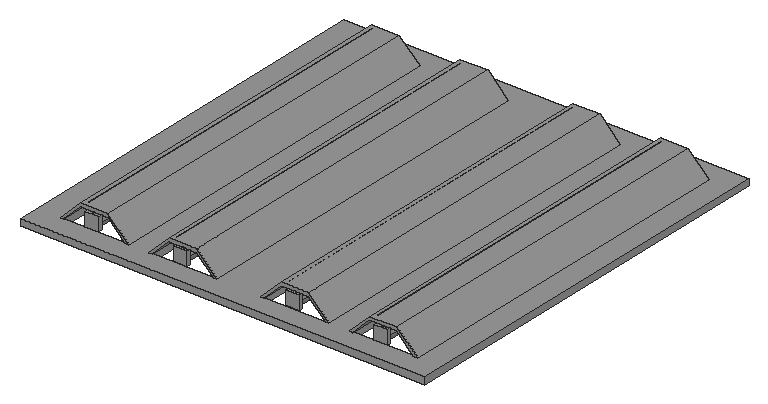
Revit family "ДВО-11 30 Вт 595", category Осветительные приборы, Revit 2019
Family settings
  Основа = Потолок
  Размер круглого соединителя = Использовать диаметр
  Тип детали = Нормальный
  Номер OmniClass = 23.80.70.11
  Заголовок OmniClass = Luminaries for Internal Lighting
  Всегда вертикально = Да
  При загрузке вырезать с полостями = Нет
  Источник света = Да
  Общий = Нет
  Точка расчета площади = Нет
Parameters (values of type "ДВО-11-O-30-5K-IP40")
  Эффективность светильника = "123"
  Частота сети = "50 / 60 Гц"
  Цвет корпуса = "Белый"
  Файл фотометрической сетки = "INNOLUX 14 996 DVO-11-O-30-5K-IP40.ies"
  Угол наклона = 90.00°
  Типоразмер светодиода = "2835"
  Тип рассеивателя = "опал"
  Тип кривой силы света по ГОСТ 54350-2011 = "Д"
  Степень защиты (IP) = "40"
  Срок службы = "80000"
  Способ монтажа = "встраиваемый"
  Сила тока = "0.14 А"
  Световой поток модуля = "1156"
  Пусковой ток = "12.5 A"
  Потребляемый ток = "0"
  Полная установленная мощность = 30 VA
  Объём упаковки = "618х628х205 мм"
  built-in parameter 1150142 = "IESNA:LM-63-1995\r\n[DATA] 27.06.2019\r\n[MANUFAC] INNOLUX\r\n[LUMCAT] 14 996\r\n[LUMINAIRE] DVO-11-O-30-5Ê-IP40\r\n[LAMP] LED 30W 5000K\r\nTILT=NONE\r\n1 3706 3.706 181 9 1 2\r\n0.595 0.595 0.04\r\n1 1 30.0\r\n0 1 2 3 4 5 6 7 8 9 10 11 12 13 14 15 16 17 18 19 20 21 22 23 24 25 26 27 28 29 30 31 32 33 34 35 36 37 38 39 40 41 42 43 44 45 46 47 48 49 50 51 52 53 54 55 56 57 58 59 60 61 62 63 64 65 66 67 68 69 70 71 72 73 74 75 76 77 78 79 80 81 82 83 84 85 86 87 88 89 90 91 92 93 94 95 96 97 98 99 100 101 102 103 104 105 106 107 108 109 110 111 112 113 114 115 116 117 118 119 120 121 122 123 124 125 126 127 128 129 130 131 132 133 134 135 136 137 138 139 140 141 142 143 144 145 146 147 148 149 150 151 152 153 154 155 156 157 158 159 160 161 162 163 164 165 166 167 168 169 170 171 172 173 174 175 176 177 178 179 180 \r\n0 45 90 135 180 225 270 315 360 \r\n510.7 510.7 511 511.2 511.7 512.3 512.8 513.1 513.1 512.7 511.3 508.7 505 499.9 493.3 486 478.7 472.1 466 460.6 455.6 451 446.5 442.2 437.9 433.5 429.1 424.4 419.2 413.7 407.6 401 393.9 386.6 378.9 370.9 362.3 353 343.1 332.3 320.8 308.7 295.7 282.1 267.6 252.5 236.8 220.7 204 187.2 170.2 152.9 135.7 118.3 101.2 84.4 68.2 52.8 38.5 26.1 16.2 9.3 4.9 2.9 2.3 2.1 1.9 1.7 1.6 1.6 1.2 1.1 1.1 1.1 1.1 1.1 1.1 1.1 1.1 0 1.1 1.1 1 1.1 1.1 1.1 1.1 1.1 1.1 1.1 1.1 1.1 1.1 1.2 1.5 1.6 1.6 1.6 1.6 1.6 1.5 1.5 1.6 1.4 1.3 1.5 1.4 1.6 1.6 1.6 1.6 1.6 1.6 1.6 1.6 1.8 1.9 1.9 1.9 1.9 1.9 1.9 1.9 1.9 2.1 2.1 2.1 2.1 2.1 2.1 2.2 2.2 2.4 2.4 2.4 2.4 2.4 2.4 2.4 2.4 2.4 2.5 2.5 2.6 2.6 2.7 2.7 2.7 2.7 2.7 2.7 2.7 2.7 2.8 2.7 2.8 2.9 3.1 3 2.7 2.7 2.7 2.7 2.7 2.7 2.7 1.6 0 0 0 0 0 0 0 0 0 0 0 0 0 0\r\n510.7 510.8 510.5 510.2 508.9 507.9 507 505.7 504.5 503.1 501.3 499.4 497.1 494.3 490.8 486.4 481.7 476.3 470.3 463.6 456.2 448.4 440.8 433.4 426.2 419.4 412.6 405.8 399.3 392.8 386.4 380 373.3 366.7 359.9 353.1 346.1 338.9 331.5 323.8 315.9 307.4 298.7 289.9 280.7 271.2 261.3 251.2 240.6 229.5 218.2 206.6 194.6 182.3 169.8 157.2 144.5 131.8 119 106.4 93.9 81.7 69.7 58.2 47.3 37.3 28.8 21.8 16.7 13.5 11.6 10.4 9.4 8.4 7.4 6.7 5.8 5.1 4.4 3.8 3.3 2.6 2.2 1.9 1.6 1.1 0 0 0 0 0 0 0 0 0 0 0 0 0 0 0 0 1.1 1.1 1.1 1.1 1.1 1.1 1.1 1.1 1.1 1.1 1.2 1.1 1.2 1.6 1.6 1.6 1.6 1.6 1.6 1.6 1.6 1.6 1.6 1.6 1.8 1.9 1.9 1.9 1.9 1.9 1.9 1.9 1.9 1.4 0 0 0 0 0 0 0 0 0 0 0 0 0 0 0 0 0 0 0 0 0 0 0 0 0 0 0 0 0 0 0 0 0 0 0 0 0 0 0 0 0 0 0 0 0\r\n510.7 510.2 509 507.4 505.5 503.5 501.1 498.4 495.5 492.4 489.2 485.6 482 478.1 474.1 469.9 465.6 461.1 456.5 451.5 446.6 441.4 435.9 430.4 424.7 418.7 412.5 406.1 399.4 392.6 385.6 378.5 371.3 363.8 356.4 348.8 341.2 333.3 325.5 317.6 309.6 301.5 293.5 285.2 277 268.7 260.3 251.9 243.2 234.5 225.7 216.9 207.9 198.9 189.9 180.9 172 163 154.3 145.5 136.8 128.1 119.5 110.9 102.3 93.8 85.5 77.4 69.5 62 55 48.4 42.2 36.7 31.9 27.9 24.8 22 19.3 16.8 14.5 12.4 10.4 8.5 6.7 5.1 3.6 2.3 1.4 0 0 0 0 0 0 0 1.1 1.1 1.1 1.1 1.1 1.1 1.1 1.1 1.1 1.3 1.6 1.6 1.6 1.6 1.6 1.6 1.6 1.6 1.6 1.6 1.6 1.8 1.8 1.9 1.9 1.9 1.9 1.9 1.9 1.9 1.9 1.9 1.9 1.9 2 2.1 2.1 2.1 2.1 2.1 2.1 2.1 2.1 2.1 2.3 2.1 2.1 2.3 2.3 2.4 2.4 2.4 2.4 2.4 2.4 2.4 2.3 1.8 0 0 0 0 0 0 0 0 0 0 0 0 0 0 0 0 0 0 0 0 0 0 0 0 0 0 0\r\n510.7 510.8 510.5 510.2 508.9 507.9 507 505.7 504.5 503.1 501.3 499.4 497.1 494.3 490.8 486.4 481.7 476.3 470.3 463.6 456.2 448.4 440.8 433.4 426.2 419.4 412.6 405.8 399.3 392.8 386.4 380 373.3 366.7 359.9 353.1 346.1 338.9 331.5 323.8 315.9 307.4 298.7 289.9 280.7 271.2 261.3 251.2 240.6 229.5 218.2 206.6 194.6 182.3 169.8 157.2 144.5 131.8 119 106.4 93.9 81.7 69.7 58.2 47.3 37.3 28.8 21.8 16.7 13.5 11.6 10.4 9.4 8.4 7.4 6.7 5.8 5.1 4.4 3.8 3.3 2.6 2.2 1.9 1.6 1.1 0 0 0 0 0 0 0 0 0 0 0 0 0 0 0 0 1.1 1.1 1.1 1.1 1.1 1.1 1.1 1.1 1.1 1.1 1.2 1.1 1.2 1.6 1.6 1.6 1.6 1.6 1.6 1.6 1.6 1.6 1.6 1.6 1.8 1.9 1.9 1.9 1.9 1.9 1.9 1.9 1.9 1.4 0 0 0 0 0 0 0 0 0 0 0 0 0 0 0 0 0 0 0 0 0 0 0 0 0 0 0 0 0 0 0 0 0 0 0 0 0 0 0 0 0 0 0 0 0\r\n510.7 510.8 511.1 511.4 511.9 512.4 512.7 512.8 512.8 511.8 509.6 506.1 501.6 496 489.7 482.9 476.2 470 464.6 459.6 454.9 450.5 446.2 441.9 437.7 433.4 429.1 424.4 419.1 413.4 407.2 400.8 394 387 379.6 371.8 363.4 354.3 344.6 334 322.6 310.2 296.9 282.9 268 252.4 236.5 220.2 204 187.5 171.2 155 138.7 122.7 106.5 90.3 74.2 58.6 43.8 30.3 19.2 11.2 6.1 3.2 2.1 1.8 1.6 1.1 0 0 0 0 0 0 0 0 0 0 0 0 0 0 0 0 0 0 0 0 0 0 0 0 0 0 0 0 0 0 0 0 0 0 0 0 0 0 0 0 0 0 0 0 0 0 0 0 0 0 0 0 0 0 0 0 0 0 1.1 0 0 0 0 0 0 0 0 0 0 0 0 0 0 0 0 0 0 0 0 0 0 0 0 0 0 0 0 0 0 0 0 0 0 0 0 0 0 0 0 0 0 0 0 0 0 0 0 0 0 0 0 0 0\r\n510.7 510.8 510.5 510.2 508.9 507.9 507 505.7 504.5 503.1 501.3 499.4 497.1 494.3 490.8 486.4 481.7 476.3 470.3 463.6 456.2 448.4 440.8 433.4 426.2 419.4 412.6 405.8 399.3 392.8 386.4 380 373.3 366.7 359.9 353.1 346.1 338.9 331.5 323.8 315.9 307.4 298.7 289.9 280.7 271.2 261.3 251.2 240.6 229.5 218.2 206.6 194.6 182.3 169.8 157.2 144.5 131.8 119 106.4 93.9 81.7 69.7 58.2 47.3 37.3 28.8 21.8 16.7 13.5 11.6 10.4 9.4 8.4 7.4 6.7 5.8 5.1 4.4 3.8 3.3 2.6 2.2 1.9 1.6 1.1 0 0 0 0 0 0 0 0 0 0 0 0 0 0 0 0 1.1 1.1 1.1 1.1 1.1 1.1 1.1 1.1 1.1 1.1 1.2 1.1 1.2 1.6 1.6 1.6 1.6 1.6 1.6 1.6 1.6 1.6 1.6 1.6 1.8 1.9 1.9 1.9 1.9 1.9 1.9 1.9 1.9 1.4 0 0 0 0 0 0 0 0 0 0 0 0 0 0 0 0 0 0 0 0 0 0 0 0 0 0 0 0 0 0 0 0 0 0 0 0 0 0 0 0 0 0 0 0 0\r\n510.7 509.9 507.9 506.2 504.2 501.9 499.4 496.6 493.6 490.7 487.3 483.8 480.2 476.4 472.3 468.2 463.8 459.4 454.7 449.9 444.9 439.6 434.4 428.9 423.1 417.2 411 404.7 398.2 391.4 384.5 377.6 370.5 363.3 355.9 348.4 340.8 333.1 325.3 317.5 309.5 301.6 293.4 285.2 277 268.7 260.3 251.9 243.1 234.4 225.7 216.9 208 199 190.1 181.1 172.3 163.4 154.7 146 137.3 128.6 120 111.4 102.9 94.5 86.1 78 70.1 62.6 55.5 48.9 42.9 37.2 32.3 28.3 25 22.1 19.4 16.8 14.4 12.2 10.2 8.3 6.6 4.9 3.3 2 0 0 0 0 0 0 0 0 0 0 0 0 0 0 0 0 0 0 0 0 0 0 0 0 0 0 0 1.1 1 1.1 1.1 1.1 1.1 1.1 1.1 1.1 1.1 1.1 1.1 1.1 1.1 1.1 1.1 1.2 1.5 1.6 1.6 1.6 1.6 1.6 0 0 0 0 0 0 0 0 0 0 0 0 0 0 0 0 0 0 0 0 0 0 0 0 0 0 0 0 0 0 0 0 0 0 0 0 0 0 0 0 0 0 0\r\n510.7 510.8 510.5 510.2 508.9 507.9 507 505.7 504.5 503.1 501.3 499.4 497.1 494.3 490.8 486.4 481.7 476.3 470.3 463.6 456.2 448.4 440.8 433.4 426.2 419.4 412.6 405.8 399.3 392.8 386.4 380 373.3 366.7 359.9 353.1 346.1 338.9 331.5 323.8 315.9 307.4 298.7 289.9 280.7 271.2 261.3 251.2 240.6 229.5 218.2 206.6 194.6 182.3 169.8 157.2 144.5 131.8 119 106.4 93.9 81.7 69.7 58.2 47.3 37.3 28.8 21.8 16.7 13.5 11.6 10.4 9.4 8.4 7.4 6.7 5.8 5.1 4.4 3.8 3.3 2.6 2.2 1.9 1.6 1.1 0 0 0 0 0 0 0 0 0 0 0 0 0 0 0 0 1.1 1.1 1.1 1.1 1.1 1.1 1.1 1.1 1.1 1.1 1.2 1.1 1.2 1.6 1.6 1.6 1.6 1.6 1.6 1.6 1.6 1.6 1.6 1.6 1.8 1.9 1.9 1.9 1.9 1.9 1.9 1.9 1.9 1.4 0 0 0 0 0 0 0 0 0 0 0 0 0 0 0 0 0 0 0 0 0 0 0 0 0 0 0 0 0 0 0 0 0 0 0 0 0 0 0 0 0 0 0 0 0\r\n510.7 510.7 511 511.2 511.7 512.3 512.8 513.1 513.1 512.7 511.3 508.7 505 499.9 493.3 486 478.7 472.1 466 460.6 455.6 451 446.5 442.2 437.9 433.5 429.1 424.4 419.2 413.7 407.6 401 393.9 386.6 378.9 370.9 362.3 353 343.1 332.3 320.8 308.7 295.7 282.1 267.6 252.5 236.8 220.7 204 187.2 170.2 152.9 135.7 118.3 101.2 84.4 68.2 52.8 38.5 26.1 16.2 9.3 4.9 2.9 2.3 2.1 1.9 1.7 1.6 1.6 1.2 1.1 1.1 1.1 1.1 1.1 1.1 1.1 1.1 0 1.1 1.1 1 1.1 1.1 1.1 1.1 1.1 1.1 1.1 1.1 1.1 1.1 1.2 1.5 1.6 1.6 1.6 1.6 1.6 1.5 1.5 1.6 1.4 1.3 1.5 1.4 1.6 1.6 1.6 1.6 1.6 1.6 1.6 1.6 1.8 1.9 1.9 1.9 1.9 1.9 1.9 1.9 1.9 2.1 2.1 2.1 2.1 2.1 2.1 2.2 2.2 2.4 2.4 2.4 2.4 2.4 2.4 2.4 2.4 2.4 2.5 2.5 2.6 2.6 2.7 2.7 2.7 2.7 2.7 2.7 2.7 2.7 2.8 2.7 2.8 2.9 3.1 3 2.7 2.7 2.7 2.7 2.7 2.7 2.7 1.6 0 0 0 0 0 0 0 0 0 0 0 0 0 0\r\n"
  Напряжение = "176-264 В"
  Wattage = 24.9088 W
  built-in parameter 1150110 = 1 (stored number, unit not read)
  built-in parameter 1114217 = 0.8 (stored number, unit not read)
  built-in parameter 1150109 = 1 (stored number, unit not read)
  built-in parameter 1150134 = 2
  built-in parameter 1150113 = 1 (stored number, unit not read)
  Lumens = 3700 lm
  built-in parameter 1150115 = 1 (stored number, unit not read)
  built-in parameter 1150105 = 294.44 (stored number, unit not read)
  built-in parameter 1150137 = (empty or 0)
  Материал рассеивателя = Поликарбонат, прозрачный
  Материал корпуса = Металл, окрашенный, белый, матовый
  Коэффициент пульсации = "<5%"
  built-in parameter 1150139 = (empty or 0)
  built-in parameter 1150112 = 1 (stored number, unit not read)
  built-in parameter 1150114 = 1 (stored number, unit not read)
  built-in parameter 1150132 = 2
  Коэффициент мощности = ">0.95\r\n>0.95\r\n>0.95"
  Количество модулей = "4"
  Количество в упаковке = "4"
  Кол-во светодиодов = "208"
  Климатическое исполнение = "УХЛ 4"
  Класс светораспределения по ГОСТ 54350-2011 = "П"
  Класс защиты от поражения током = "II"
  Категория по ограничению яркости = "1"
  built-in parameter 1150102 = (empty or 0)
  built-in parameter 1150138 = (empty or 0)
  built-in parameter 1150107 = 5000 (stored number, unit not read)
  built-in parameter 1150106 = 2.9444 (stored number, unit not read)
  built-in parameter 1150104 = 13.8 (stored number, unit not read)
  Dimming Lamp Color Temperature Shift = (empty or 0)
  Color Filter = 16777215
  built-in parameter 1114218 = 1 (stored number, unit not read)
  built-in parameter 1150133 = 10 (stored number, unit not read)
  Индекс цветопередачи = ">80"
  Изготовитель = "INNOLUX"
  Диммирование = "нет"
  Диапазон рабочих температур = "- 20 + 40°C"
  Гарантия = "7 лет"
  Габаритная яркость = ""
  Время импульса пускового тока = "200 мс"
  Вес светильника = "2.58 кг"
  Бренд светодиодов = "EPISTAR"
  Блок аварийного питания = "нет"
  Артикул = "14 996"
  URL = "http://innolux.pro/katalog/administrativno-ofisnoe-osveshhenie/dvo-11-30-vt-595/14996.html"
  ADSK_Размер_Ширина = 595 mm  # constant formula
  ADSK_Размер_Длина = 595 mm  # constant formula
  ADSK_Размер_Высота = 10 mm  # constant formula
Reference planes
  plane 1 "Ось источника света (В/Н)": y = 0
  plane 2: z = 0
  plane 3 "Ось источника света (Л/П)": x = 0
  plane 4 "Потолок": z = 4000
  plane 5 "Отметка источника света 1": z = 3990
  plane 6: x = -297.5
  plane 7: x = 297.5
  plane 8: y = 297.5
  plane 9: y = -297.5
Forms (mm)
  Extrusion 1, solid, material "Металл, окрашенный, белый, матовый" <- "Материал корпуса"
    sketch origin (0.841, 0, 30) x (1, 0, 0) y (0, 0, 1)
      loop
        line (297.08, 3960) -> (297.08, 3970) -> (-297.92, 3970) -> (-297.92, 3960) -> (297.08, 3960)
    from -297.5 to 297.5
  Extrusion 2, solid, material "Металл, окрашенный, белый, матовый" <- "Материал корпуса"
    sketch origin (0.841, 0, 30) x (1, 0, 0) y (0, 0, 1)
      loop
        line (262.5, 3970) -> (232.5, 4000) -> (192.5, 4000) -> (162.5, 3970) -> (167.5, 3970) -> (192.249, 3994.749) -> (232.751, 3994.749) -> (257.5, 3970) -> (262.5, 3970)
    from -267.228 to 267.639
  Extrusion 3, solid, material "Металл, окрашенный, белый, матовый" <- "Материал корпуса"
    sketch origin (-129.159, 0, 30) x (1, 0, 0) y (0, 0, 1)
      loop
        line (262.5, 3970) -> (232.5, 4000) -> (192.5, 4000) -> (162.5, 3970) -> (167.5, 3970) -> (192.249, 3994.749) -> (232.751, 3994.749) -> (257.5, 3970) -> (262.5, 3970)
    from -267.228 to 267.639
  Extrusion 4, solid, material "Металл, окрашенный, белый, матовый" <- "Материал корпуса"
    sketch origin (0.841, 0, 30) x (-1, 0, 0) y (0, 0, -1)
      loop
        line (262.5, -3970) -> (257.5, -3970) -> (232.751, -3994.749) -> (192.249, -3994.749) -> (167.5, -3970) -> (162.5, -3970) -> (192.5, -4000) -> (232.5, -4000) -> (262.5, -3970)
    from -267.228 to 267.639
  Extrusion 5, solid, material "Металл, окрашенный, белый, матовый" <- "Материал корпуса"
    sketch origin (130.841, 0, 30) x (-1, 0, 0) y (0, 0, -1)
      loop
        line (262.5, -3970) -> (257.5, -3970) -> (232.751, -3994.749) -> (192.249, -3994.749) -> (167.5, -3970) -> (162.5, -3970) -> (192.5, -4000) -> (232.5, -4000) -> (262.5, -3970)
    from -267.228 to 267.639
  Extrusion 6, solid, material "Поликарбонат, прозрачный" <- "Материал рассеивателя"
    sketch origin (-129.159, 0, 30) x (1, 0, 0) y (0, 0, 1)
      loop
        circle (212.5, 3984.749) r 10
    from -267.228 to 267.639
  Extrusion 7, solid, material "Поликарбонат, прозрачный" <- "Материал рассеивателя"
    sketch origin (130.841, 0, 30) x (-1, 0, 0) y (0, 0, -1)
      loop
        circle (212.5, -3984.749) r 10
    from -267.228 to 267.639
  Extrusion 8, solid, material "Металл, окрашенный, белый, матовый" <- "Материал корпуса"
    sketch origin (0.841, 0, 30) x (1, 0, 0) y (0, 0, 1)
      loop
        line (212.5, 3994.749) -> (202.5, 3994.749) -> (202.5, 3974.749) -> (222.5, 3974.749) -> (222.5, 3994.749) -> (212.5, 3994.749)
    from 267.639 to 272.451
  Extrusion 9, solid, material "Металл, окрашенный, белый, матовый" <- "Материал корпуса"
    sketch origin (-129.159, 0, 30) x (1, 0, 0) y (0, 0, 1)
      loop
        line (212.5, 3994.749) -> (202.5, 3994.749) -> (202.5, 3974.749) -> (222.5, 3974.749) -> (222.5, 3994.749) -> (212.5, 3994.749)
    from 267.639 to 272.451
  Extrusion 10, solid, material "Металл, окрашенный, белый, матовый" <- "Материал корпуса"
    sketch origin (0.841, 0, 30) x (-1, 0, 0) y (0, 0, -1)
      loop
        line (212.5, -3994.749) -> (222.5, -3994.749) -> (222.5, -3974.749) -> (202.5, -3974.749) -> (202.5, -3994.749) -> (212.5, -3994.749)
    from 267.639 to 272.451
  Extrusion 11, solid, material "Металл, окрашенный, белый, матовый" <- "Материал корпуса"
    sketch origin (130.841, 0, 30) x (-1, 0, 0) y (0, 0, -1)
      loop
        line (212.5, -3994.749) -> (222.5, -3994.749) -> (222.5, -3974.749) -> (202.5, -3974.749) -> (202.5, -3994.749) -> (212.5, -3994.749)
    from 267.639 to 272.451
  Extrusion 12, solid, material "Металл, окрашенный, белый, матовый" <- "Материал корпуса"
    sketch origin (0.841, 0, 30) x (1, 0, 0) y (0, 0, -1)
      loop
        line (212.5, -3994.749) -> (222.5, -3994.749) -> (222.5, -3974.749) -> (202.5, -3974.749) -> (202.5, -3994.749) -> (212.5, -3994.749)
    from 267.639 to 272.451
  Extrusion 13, solid, material "Металл, окрашенный, белый, матовый" <- "Материал корпуса"
    sketch origin (-129.159, 0, 30) x (1, 0, 0) y (0, 0, -1)
      loop
        line (212.5, -3994.749) -> (222.5, -3994.749) -> (222.5, -3974.749) -> (202.5, -3974.749) -> (202.5, -3994.749) -> (212.5, -3994.749)
    from 267.639 to 272.451
  Extrusion 14, solid, material "Металл, окрашенный, белый, матовый" <- "Материал корпуса"
    sketch origin (0.841, 0, 30) x (-1, 0, 0) y (0, 0, 1)
      loop
        line (212.5, 3994.749) -> (202.5, 3994.749) -> (202.5, 3974.749) -> (222.5, 3974.749) -> (222.5, 3994.749) -> (212.5, 3994.749)
    from 267.639 to 272.451
  Extrusion 15, solid, material "Металл, окрашенный, белый, матовый" <- "Материал корпуса"
    sketch origin (130.841, 0, 30) x (-1, 0, 0) y (0, 0, 1)
      loop
        line (212.5, 3994.749) -> (202.5, 3994.749) -> (202.5, 3974.749) -> (222.5, 3974.749) -> (222.5, 3994.749) -> (212.5, 3994.749)
    from 267.639 to 272.451
  Extrusion 16, solid, material "Металл, окрашенный, белый, матовый" <- "Материал корпуса"
    sketch origin (0.841, 0, 30) x (1, 0, 0) y (0, 0, 1)
      loop
        line (212.5, 3974.749) -> (172.249, 3974.749) -> (167.5, 3970) -> (257.5, 3970) -> (252.751, 3974.749) -> (212.5, 3974.749)
      loop
        line (82.5, 3974.749) -> (42.249, 3974.749) -> (37.5, 3970) -> (127.5, 3970) -> (122.751, 3974.749) -> (82.5, 3974.749)
      loop
        line (-212.5, 3974.749) -> (-252.751, 3974.749) -> (-257.5, 3970) -> (-167.5, 3970) -> (-172.249, 3974.749) -> (-212.5, 3974.749)
      loop
        line (-82.5, 3974.749) -> (-122.751, 3974.749) -> (-127.5, 3970) -> (-37.5, 3970) -> (-42.249, 3974.749) -> (-82.5, 3974.749)
    from -2.5 to 2.5
  Extrusion 17, solid, material "Металл, окрашенный, белый, матовый" <- "Материал корпуса"
    sketch origin (0.841, 140, 30) x (1, 0, 0) y (0, 0, -1)
      loop
        line (212.5, -3974.749) -> (252.751, -3974.749) -> (257.5, -3970) -> (167.5, -3970) -> (172.249, -3974.749) -> (212.5, -3974.749)
      loop
        line (82.5, -3974.749) -> (122.751, -3974.749) -> (127.5, -3970) -> (37.5, -3970) -> (42.249, -3974.749) -> (82.5, -3974.749)
      loop
        line (-212.5, -3974.749) -> (-172.249, -3974.749) -> (-167.5, -3970) -> (-257.5, -3970) -> (-252.751, -3974.749) -> (-212.5, -3974.749)
      loop
        line (-82.5, -3974.749) -> (-42.249, -3974.749) -> (-37.5, -3970) -> (-127.5, -3970) -> (-122.751, -3974.749) -> (-82.5, -3974.749)
    from -2.5 to 2.5
  Extrusion 18, solid, material "Металл, окрашенный, белый, матовый" <- "Материал корпуса"
    sketch origin (0.841, -140, 30) x (1, 0, 0) y (0, 0, 1)
      loop
        line (212.5, 3974.749) -> (172.249, 3974.749) -> (167.5, 3970) -> (257.5, 3970) -> (252.751, 3974.749) -> (212.5, 3974.749)
      loop
        line (82.5, 3974.749) -> (42.249, 3974.749) -> (37.5, 3970) -> (127.5, 3970) -> (122.751, 3974.749) -> (82.5, 3974.749)
      loop
        line (-212.5, 3974.749) -> (-252.751, 3974.749) -> (-257.5, 3970) -> (-167.5, 3970) -> (-172.249, 3974.749) -> (-212.5, 3974.749)
      loop
        line (-82.5, 3974.749) -> (-122.751, 3974.749) -> (-127.5, 3970) -> (-37.5, 3970) -> (-42.249, 3974.749) -> (-82.5, 3974.749)
    from -2.5 to 2.5
  Extrusion 19, solid, material "Металл, окрашенный, белый, матовый" <- "Материал корпуса"
    sketch origin (0.841, -210, 30) x (1, 0, 0) y (0, 0, 1)
      loop
        line (212.5, 3974.749) -> (172.249, 3974.749) -> (167.5, 3970) -> (257.5, 3970) -> (252.751, 3974.749) -> (212.5, 3974.749)
      loop
        line (82.5, 3974.749) -> (42.249, 3974.749) -> (37.5, 3970) -> (127.5, 3970) -> (122.751, 3974.749) -> (82.5, 3974.749)
      loop
        line (-212.5, 3974.749) -> (-252.751, 3974.749) -> (-257.5, 3970) -> (-167.5, 3970) -> (-172.249, 3974.749) -> (-212.5, 3974.749)
      loop
        line (-82.5, 3974.749) -> (-122.751, 3974.749) -> (-127.5, 3970) -> (-37.5, 3970) -> (-42.249, 3974.749) -> (-82.5, 3974.749)
    from -2.5 to 2.5
  Extrusion 20, solid, material "Металл, окрашенный, белый, матовый" <- "Материал корпуса"
    sketch origin (0.841, -70, 30) x (1, 0, 0) y (0, 0, 1)
      loop
        line (212.5, 3974.749) -> (172.249, 3974.749) -> (167.5, 3970) -> (257.5, 3970) -> (252.751, 3974.749) -> (212.5, 3974.749)
      loop
        line (82.5, 3974.749) -> (42.249, 3974.749) -> (37.5, 3970) -> (127.5, 3970) -> (122.751, 3974.749) -> (82.5, 3974.749)
      loop
        line (-212.5, 3974.749) -> (-252.751, 3974.749) -> (-257.5, 3970) -> (-167.5, 3970) -> (-172.249, 3974.749) -> (-212.5, 3974.749)
      loop
        line (-82.5, 3974.749) -> (-122.751, 3974.749) -> (-127.5, 3970) -> (-37.5, 3970) -> (-42.249, 3974.749) -> (-82.5, 3974.749)
    from -2.5 to 2.5
  Extrusion 21, solid, material "Металл, окрашенный, белый, матовый" <- "Материал корпуса"
    sketch origin (0.841, 210, 30) x (1, 0, 0) y (0, 0, -1)
      loop
        line (212.5, -3974.749) -> (252.751, -3974.749) -> (257.5, -3970) -> (167.5, -3970) -> (172.249, -3974.749) -> (212.5, -3974.749)
      loop
        line (82.5, -3974.749) -> (122.751, -3974.749) -> (127.5, -3970) -> (37.5, -3970) -> (42.249, -3974.749) -> (82.5, -3974.749)
      loop
        line (-212.5, -3974.749) -> (-172.249, -3974.749) -> (-167.5, -3970) -> (-257.5, -3970) -> (-252.751, -3974.749) -> (-212.5, -3974.749)
      loop
        line (-82.5, -3974.749) -> (-42.249, -3974.749) -> (-37.5, -3970) -> (-127.5, -3970) -> (-122.751, -3974.749) -> (-82.5, -3974.749)
    from -2.5 to 2.5
  Extrusion 22, solid, material "Металл, окрашенный, белый, матовый" <- "Материал корпуса"
    sketch origin (0.841, 70, 30) x (1, 0, 0) y (0, 0, -1)
      loop
        line (212.5, -3974.749) -> (252.751, -3974.749) -> (257.5, -3970) -> (167.5, -3970) -> (172.249, -3974.749) -> (212.5, -3974.749)
      loop
        line (82.5, -3974.749) -> (122.751, -3974.749) -> (127.5, -3970) -> (37.5, -3970) -> (42.249, -3974.749) -> (82.5, -3974.749)
      loop
        line (-212.5, -3974.749) -> (-172.249, -3974.749) -> (-167.5, -3970) -> (-257.5, -3970) -> (-252.751, -3974.749) -> (-212.5, -3974.749)
      loop
        line (-82.5, -3974.749) -> (-42.249, -3974.749) -> (-37.5, -3970) -> (-127.5, -3970) -> (-122.751, -3974.749) -> (-82.5, -3974.749)
    from -2.5 to 2.5
  Extrusion 23, solid, material "Поликарбонат, прозрачный" <- "Материал рассеивателя"
    sketch origin (-424.159, 0, 30) x (1, 0, 0) y (0, 0, 1)
      loop
        circle (212.5, 3984.749) r 10
    from -267.228 to 267.639
  Extrusion 24, solid, material "Поликарбонат, прозрачный" <- "Материал рассеивателя"
    sketch origin (425.841, 0, 30) x (-1, 0, 0) y (0, 0, -1)
      loop
        circle (212.5, -3984.749) r 10
    from -267.228 to 267.639
  Extrusion 25, void
    sketch origin (0, 0, 4000) x (0, 1, 0) y (-1, 0, 0)
      loop
        line (267.228, 256.659) -> (-267.639, 256.659) -> (-267.639, 166.659) -> (267.228, 166.659) -> (267.228, 256.659)
      loop
        line (-267.639, 126.659) -> (-267.639, 36.659) -> (267.228, 36.659) -> (267.228, 126.659) -> (-267.639, 126.659)
      loop
        line (267.228, -257.5) -> (267.228, -167.5) -> (-267.639, -167.5) -> (-267.639, -257.5) -> (267.228, -257.5)
      loop
        line (-267.639, -127.5) -> (267.228, -127.5) -> (267.228, -37.5) -> (-267.639, -37.5) -> (-267.639, -127.5)
    from -10 to 0
Cuts and joins
  Extrusion 25 cuts Extrusion 1
  Extrusion 25 cuts Extrusion 2
  Extrusion 25 cuts Extrusion 3
  Extrusion 25 cuts Extrusion 4
  Extrusion 25 cuts Extrusion 5
  Extrusion 25 cuts Extrusion 6
  Extrusion 25 cuts Extrusion 7
  Extrusion 25 cuts Extrusion 8
  Extrusion 25 cuts Extrusion 9
  Extrusion 25 cuts Extrusion 10
  Extrusion 25 cuts Extrusion 11
  Extrusion 25 cuts Extrusion 16
  Extrusion 25 cuts Extrusion 17
  Extrusion 25 cuts Extrusion 18
  Extrusion 25 cuts Extrusion 19
  Extrusion 25 cuts Extrusion 20
  Extrusion 25 cuts Extrusion 21
  Extrusion 25 cuts Extrusion 22
  Extrusion 25 cuts Extrusion 23
  Extrusion 25 cuts Extrusion 24
Dimensions and locks
  equal spacing: host sketch curve, plane 3 "Ось источника света (Л/П)", host sketch curve
  equal spacing: host sketch curve, plane 1 "Ось источника света (В/Н)", host sketch curve
  host sketch curve to host sketch curve = 4000 mm  (x2)
  plane 4 "Потолок" to host ceiling = 0 mm
  equal spacing: plane 6, plane 3 "Ось источника света (Л/П)", plane 7
  equal spacing: plane 8, plane 1 "Ось источника света (В/Н)", plane 9
  "ADSK_Размер_Длина": plane 6 to plane 7
  "ADSK_Размер_Ширина": plane 8 to plane 9
  "ADSK_Размер_Высота": plane 5 "Отметка источника света 1" to plane 4 "Потолок"
  aligned and locked: plane 3 "Ось источника света (Л/П)" to imposter light
  aligned and locked: plane 1 "Ось источника света (В/Н)" to imposter light
  aligned and locked: plane 5 "Отметка источника света 1" to imposter light
  aligned and locked: Extrusion 1 to plane 9
  aligned and locked: plane 8 to Extrusion 1
Automatic sketch dimensions
  Extrusion 1 sketch curve to plane 4 "Потолок" = 0 mm
  plane 6 to Extrusion 1 sketch curve = 0.42 mm
  plane 7 to Extrusion 1 sketch curve = 0.42 mm
  plane 4 "Потолок" to Extrusion 1 sketch curve = 10 mm
  Extrusion 2 sketch curve to plane 4 "Потолок" = 0 mm  (x2)
  Extrusion 2 sketch curve to plane 7 = 134.159 mm
  Extrusion 2 sketch curve to Extrusion 2 sketch curve = 5 mm  (x2)
  Extrusion 2 sketch curve to Extrusion 2 sketch curve = 24.749 mm  (x2)
  Extrusion 2 sketch curve to Extrusion 2 sketch curve = 0.251 mm  (x2)
  Extrusion 2 sketch curve to plane 4 "Потолок" = 30 mm
  Extrusion 2 sketch curve to Extrusion 2 sketch curve = 40 mm
  Extrusion 2 sketch curve to plane 4 "Потолок" = 24.749 mm
  Extrusion 3 sketch curve to plane 4 "Потолок" = 0 mm  (x2)
  plane 3 "Ось источника света (Л/П)" to Extrusion 3 sketch curve = 33.341 mm
  Extrusion 3 sketch curve to Extrusion 3 sketch curve = 5 mm  (x2)
  Extrusion 3 sketch curve to Extrusion 3 sketch curve = 24.749 mm  (x2)
  Extrusion 3 sketch curve to Extrusion 3 sketch curve = 0.251 mm  (x2)
  Extrusion 3 sketch curve to plane 4 "Потолок" = 30 mm
  Extrusion 3 sketch curve to Extrusion 3 sketch curve = 40 mm
  Extrusion 3 sketch curve to plane 4 "Потолок" = 24.749 mm
  Extrusion 4 sketch curve to plane 4 "Потолок" = 0 mm  (x2)
  Extrusion 4 sketch curve to plane 6 = 135.841 mm
  Extrusion 4 sketch curve to Extrusion 4 sketch curve = 5 mm  (x2)
  Extrusion 4 sketch curve to Extrusion 4 sketch curve = 24.749 mm  (x2)
  Extrusion 4 sketch curve to Extrusion 4 sketch curve = 0.251 mm  (x2)
  plane 4 "Потолок" to Extrusion 4 sketch curve = 30 mm
  Extrusion 4 sketch curve to Extrusion 4 sketch curve = 40 mm
  plane 4 "Потолок" to Extrusion 4 sketch curve = 24.749 mm
  Extrusion 5 sketch curve to plane 4 "Потолок" = 0 mm  (x2)
  plane 3 "Ось источника света (Л/П)" to Extrusion 5 sketch curve = 31.659 mm
  Extrusion 5 sketch curve to Extrusion 5 sketch curve = 5 mm  (x2)
  Extrusion 5 sketch curve to Extrusion 5 sketch curve = 24.749 mm  (x2)
  Extrusion 5 sketch curve to Extrusion 5 sketch curve = 0.251 mm  (x2)
  plane 4 "Потолок" to Extrusion 5 sketch curve = 30 mm
  Extrusion 5 sketch curve to Extrusion 5 sketch curve = 40 mm
  plane 4 "Потолок" to Extrusion 5 sketch curve = 24.749 mm
  Extrusion 6 sketch curve to plane 4 "Потолок" = 14.749 mm
  plane 3 "Ось источника света (Л/П)" to Extrusion 6 sketch curve = 83.341 mm
  plane 4 "Потолок" to Extrusion 7 sketch curve = 14.749 mm
  plane 3 "Ось источника света (Л/П)" to Extrusion 7 sketch curve = 81.659 mm
  Extrusion 8 sketch curve to plane 4 "Потолок" = 24.749 mm
  Extrusion 8 sketch curve to plane 7 = 94.159 mm
  Extrusion 8 sketch curve to Extrusion 8 sketch curve = 10 mm  (x2)
  Extrusion 8 sketch curve to plane 4 "Потолок" = 4.749 mm
  Extrusion 9 sketch curve to plane 4 "Потолок" = 24.749 mm
  plane 3 "Ось источника света (Л/П)" to Extrusion 9 sketch curve = 73.341 mm
  Extrusion 9 sketch curve to Extrusion 9 sketch curve = 10 mm  (x2)
  Extrusion 9 sketch curve to plane 4 "Потолок" = 4.749 mm
  plane 4 "Потолок" to Extrusion 10 sketch curve = 24.749 mm
  Extrusion 10 sketch curve to plane 6 = 95.841 mm
  Extrusion 10 sketch curve to Extrusion 10 sketch curve = 10 mm  (x2)
  plane 4 "Потолок" to Extrusion 10 sketch curve = 4.749 mm
  plane 4 "Потолок" to Extrusion 11 sketch curve = 24.749 mm
  plane 3 "Ось источника света (Л/П)" to Extrusion 11 sketch curve = 71.659 mm
  Extrusion 11 sketch curve to Extrusion 11 sketch curve = 10 mm  (x2)
  plane 4 "Потолок" to Extrusion 11 sketch curve = 4.749 mm
  Extrusion 12 sketch curve to plane 4 "Потолок" = 24.749 mm
  Extrusion 12 sketch curve to plane 7 = 94.159 mm
  Extrusion 12 sketch curve to Extrusion 12 sketch curve = 10 mm  (x2)
  Extrusion 12 sketch curve to plane 4 "Потолок" = 4.749 mm
  Extrusion 13 sketch curve to plane 4 "Потолок" = 24.749 mm
  plane 3 "Ось источника света (Л/П)" to Extrusion 13 sketch curve = 73.341 mm
  Extrusion 13 sketch curve to Extrusion 13 sketch curve = 10 mm  (x2)
  Extrusion 13 sketch curve to plane 4 "Потолок" = 4.749 mm
  Extrusion 14 sketch curve to plane 4 "Потолок" = 24.749 mm
  plane 6 to Extrusion 14 sketch curve = 95.841 mm
  Extrusion 14 sketch curve to Extrusion 14 sketch curve = 10 mm  (x2)
  Extrusion 14 sketch curve to plane 4 "Потолок" = 4.749 mm
  Extrusion 15 sketch curve to plane 4 "Потолок" = 24.749 mm
  Extrusion 15 sketch curve to plane 3 "Ось источника света (Л/П)" = 71.659 mm
  Extrusion 15 sketch curve to Extrusion 15 sketch curve = 10 mm  (x2)
  Extrusion 15 sketch curve to plane 4 "Потолок" = 4.749 mm
  Extrusion 16 sketch curve to plane 4 "Потолок" = 0 mm  (x4)
  plane 6 to Extrusion 16 sketch curve = 40.841 mm
  Extrusion 16 sketch curve to plane 4 "Потолок" = 4.749 mm  (x4)
  Extrusion 16 sketch curve to Extrusion 16 sketch curve = 4.749 mm  (x8)
  Extrusion 16 sketch curve to Extrusion 16 sketch curve = 40.251 mm  (x8)
  Extrusion 16 sketch curve to Extrusion 16 sketch curve = 40 mm  (x2)
  plane 3 "Ось источника света (Л/П)" to Extrusion 16 sketch curve = 38.341 mm
  Extrusion 17 sketch curve to plane 4 "Потолок" = 0 mm  (x4)
  plane 6 to Extrusion 17 sketch curve = 40.841 mm
  Extrusion 17 sketch curve to plane 4 "Потолок" = 4.749 mm  (x4)
  Extrusion 17 sketch curve to Extrusion 17 sketch curve = 4.749 mm  (x8)
  Extrusion 17 sketch curve to Extrusion 17 sketch curve = 40.251 mm  (x8)
  Extrusion 17 sketch curve to Extrusion 17 sketch curve = 40 mm  (x2)
  plane 3 "Ось источника света (Л/П)" to Extrusion 17 sketch curve = 38.341 mm
  Extrusion 18 sketch curve to plane 4 "Потолок" = 0 mm  (x4)
  plane 6 to Extrusion 18 sketch curve = 40.841 mm
  Extrusion 18 sketch curve to plane 4 "Потолок" = 4.749 mm  (x4)
  Extrusion 18 sketch curve to Extrusion 18 sketch curve = 4.749 mm  (x8)
  Extrusion 18 sketch curve to Extrusion 18 sketch curve = 40.251 mm  (x8)
  Extrusion 18 sketch curve to Extrusion 18 sketch curve = 40 mm  (x2)
  plane 3 "Ось источника света (Л/П)" to Extrusion 18 sketch curve = 38.341 mm
  Extrusion 19 sketch curve to plane 4 "Потолок" = 0 mm  (x4)
  plane 6 to Extrusion 19 sketch curve = 40.841 mm
  Extrusion 19 sketch curve to plane 4 "Потолок" = 4.749 mm  (x4)
  Extrusion 19 sketch curve to Extrusion 19 sketch curve = 4.749 mm  (x8)
  Extrusion 19 sketch curve to Extrusion 19 sketch curve = 40.251 mm  (x8)
  Extrusion 19 sketch curve to Extrusion 19 sketch curve = 40 mm  (x2)
  plane 3 "Ось источника света (Л/П)" to Extrusion 19 sketch curve = 38.341 mm
  Extrusion 20 sketch curve to plane 4 "Потолок" = 0 mm  (x4)
  plane 6 to Extrusion 20 sketch curve = 40.841 mm
  Extrusion 20 sketch curve to plane 4 "Потолок" = 4.749 mm  (x4)
  Extrusion 20 sketch curve to Extrusion 20 sketch curve = 4.749 mm  (x8)
  Extrusion 20 sketch curve to Extrusion 20 sketch curve = 40.251 mm  (x8)
  Extrusion 20 sketch curve to Extrusion 20 sketch curve = 40 mm  (x2)
  plane 3 "Ось источника света (Л/П)" to Extrusion 20 sketch curve = 38.341 mm
  Extrusion 21 sketch curve to plane 4 "Потолок" = 0 mm  (x4)
  plane 6 to Extrusion 21 sketch curve = 40.841 mm
  Extrusion 21 sketch curve to plane 4 "Потолок" = 4.749 mm  (x4)
  Extrusion 21 sketch curve to Extrusion 21 sketch curve = 4.749 mm  (x8)
  Extrusion 21 sketch curve to Extrusion 21 sketch curve = 40.251 mm  (x8)
  Extrusion 21 sketch curve to Extrusion 21 sketch curve = 40 mm  (x2)
  plane 3 "Ось источника света (Л/П)" to Extrusion 21 sketch curve = 38.341 mm
  Extrusion 22 sketch curve to plane 4 "Потолок" = 0 mm  (x4)
  plane 6 to Extrusion 22 sketch curve = 40.841 mm
  Extrusion 22 sketch curve to plane 4 "Потолок" = 4.749 mm  (x4)
  Extrusion 22 sketch curve to Extrusion 22 sketch curve = 4.749 mm  (x8)
  Extrusion 22 sketch curve to Extrusion 22 sketch curve = 40.251 mm  (x8)
  Extrusion 22 sketch curve to Extrusion 22 sketch curve = 40 mm  (x2)
  plane 3 "Ось источника света (Л/П)" to Extrusion 22 sketch curve = 38.341 mm
  Extrusion 23 sketch curve to plane 4 "Потолок" = 14.749 mm
  plane 6 to Extrusion 23 sketch curve = 85.841 mm
  plane 4 "Потолок" to Extrusion 24 sketch curve = 14.749 mm
  plane 7 to Extrusion 24 sketch curve = 84.159 mm
  plane 9 to Extrusion 25 sketch curve = 29.861 mm  (x4)
  Extrusion 25 sketch curve to plane 8 = 30.272 mm  (x4)
  Extrusion 25 sketch curve to plane 7 = 40 mm
  Extrusion 25 sketch curve to Extrusion 25 sketch curve = 90 mm  (x2)
  Extrusion 25 sketch curve to Extrusion 25 sketch curve = 40 mm  (x2)
  plane 3 "Ось источника света (Л/П)" to Extrusion 25 sketch curve = 37.5 mm
  Extrusion 25 sketch curve to plane 3 "Ось источника света (Л/П)" = 36.659 mm
  plane 6 to Extrusion 25 sketch curve = 40.841 mm
  radius of Extrusion 6 sketch curve = 10 mm
  radius of Extrusion 7 sketch curve = 10 mm
  radius of Extrusion 23 sketch curve = 10 mm
  radius of Extrusion 24 sketch curve = 10 mm
Connectors
  electrical at (0, 0, 4000)
    settings: index 1, voltage 0 V, apparent load 0 VA, apparent load phase1 0 VA, apparent load phase2 0 VA, apparent load phase3 0 VA, power factor 1, load classification "Прочее", number of poles 1, system type 31, power factor state 1, is connector primary yes, connector utility no, sub classification motor no, connector description ""
